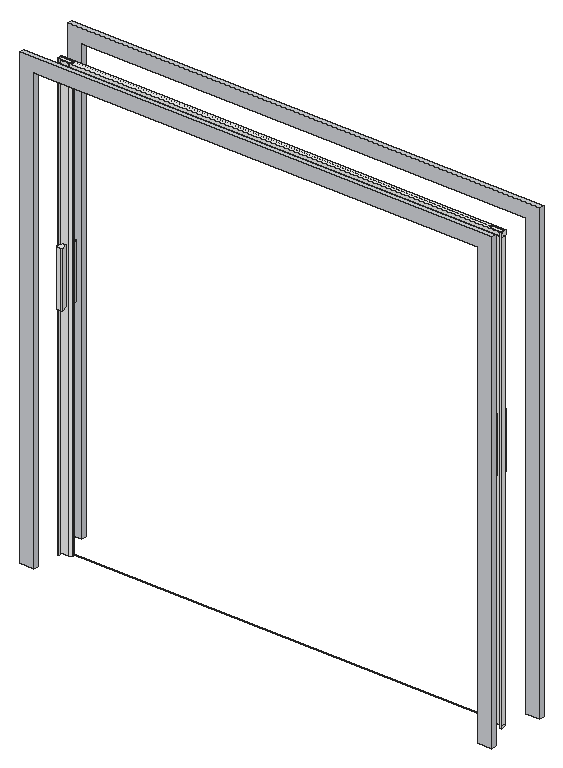
Revit family "Woodfold-Accordion-Door-Family-Series-440-Double", category Doors, host Wall, Revit 2026
Family settings
  Host = Wall
  Always vertical = Yes
  Cut with Voids When Loaded = No
  Shared = No
  Room Calculation Point = No
Parameters (values of type "8'-0" x 8'-0" Surface Mounted w/Magnetic Catch & Strike Plate")
  Type Comments = "Width: No limitation.  Height: Up to 10'-1\""
  Track Material = Metal - Aluminum
  Surface Track = yes
  Stack Dimension = 0.1041 * Width + 0' 5 1/2"  # 1' - 3.4936"
  Recessed Track = no
  Panel Material = Woodfold - Acrylic - Clear
  Panel Connectors = "Flexible Vinyl"
  Model = "440"
  Manufacturer = "Woodfold Mfg., Inc."
  Lead Post = Metal - Aluminum
  Hardware Type = "Magnetic Catch & Strike Plate"
  Function = Interior
  Frame Visibility = yes
  Frame Projection Ext. = 0' - 1"
  Frame Projection Int. = 0' - 1"
  Frame Width = 0' - 3"
  Height = 8' - 0"
  Wall Closure = By host
  Width = 8' - 0"
  Description = "Visifold, see-through commercial security door"
  Assembly Code = ""
Reference planes (in)
  plane 1 "Center (Front/Back)": y = 0
  plane 2 "Center (Left/Right)": x = 0
  plane 3 "Left": x = -48
  plane 4 "Right": x = 48
  plane 5 "Top": z = 96
  plane 6 "Stack End": x = -32.5064
  plane 7 "Middle": z = 48
Forms (in)
  Extrusion 1, solid, visible <- "Frame Visibility"
    sketch origin (-90, 6, 0) x (-1, 0, 0) y (0, 0, 1)
      loop
        line (-138, 96) -> (-42, 96) -> (-42, 0) -> (-39, 0) -> (-39, 99) -> (-141, 99) -> (-141, 0) -> (-138, 0) -> (-138, 96)
    from 0 to 1
  Extrusion 2, solid, visible <- "Frame Visibility"
    sketch origin (-90, -6, 0) x (1, 0, 0) y (0, 0, 1)
      loop
        line (42, 0) -> (42, 96) -> (138, 96) -> (138, 0) -> (141, 0) -> (141, 99) -> (39, 99) -> (39, 0) -> (42, 0)
    from 0 to 1
  Extrusion 3, solid, material "Woodfold - Acrylic - Clear" <- "Panel Material"
    sketch origin (0, 0, 0) x (1, 0, 0) y (0, 1, 0)
      loop
        line (-48, 0.125) -> (-48, -0.125) -> (45.125, -0.125) -> (45.125, 0.125) -> (-48, 0.125)
    from 0.64608 to 96
  Extrusion 4, solid, material "Metal - Aluminum" <- "Track Material"
    sketch origin (12, 0, -0.14608) x (1, 0, 0) y (0, 1, 0)
      loop
        line (36, 0.25) -> (34.9375, 0.25) -> (35.16324, 1.60445)
        arc (35.16324, 1.60445) -> (35.13532, 1.7058) -> (35.03994, 1.75) r 0.125
        line (35.03994, 1.75) -> (34.08506, 1.75)
        arc (34.08506, 1.75) -> (33.98968, 1.7058) -> (33.96176, 1.60445) r 0.125
        line (33.96176, 1.60445) -> (34.1875, 0.25) -> (33.25, 0.25)
        arc (33.25, 0.25) -> (33.08719, 0.17869) -> (33.03176, 0.00981) r 0.21774
        arc (33.03176, 0.00981) -> (33.19467, 0.06273) -> (33.125, -0.09375) r 0.09375
        arc (33.125, -0.09375) -> (33.10937, -0.10937) -> (33.125, -0.125) r 0.01562
        line (33.125, -0.125) -> (33.21055, -0.125) -> (33.58555, -0.5) -> (34.1875, -0.5) -> (33.96176, -1.85445)
        arc (33.96176, -1.85445) -> (33.98968, -1.9558) -> (34.08506, -2) r 0.125
        line (34.08506, -2) -> (35.03994, -2)
        arc (35.03994, -2) -> (35.13532, -1.9558) -> (35.16324, -1.85445) r 0.125
        line (35.16324, -1.85445) -> (34.9375, -0.5) -> (36, -0.5) -> (36, 0.25)
    from 48.64608 to 60.64608
  Extrusion 5, solid, material "Metal - Aluminum" <- "Track Material"
    sketch origin (12, 0, -18.14608) x (1, 0, 0) y (0, 1, 0)
      loop
        arc (33.25, 0.25) -> (33.08719, 0.17869) -> (33.03176, 0.00981) r 0.21774
        arc (33.03176, 0.00981) -> (33.19467, 0.06273) -> (33.125, -0.09375) r 0.09375
        arc (33.125, -0.09375) -> (33.10937, -0.10937) -> (33.125, -0.125) r 0.01562
        line (33.125, -0.125) -> (33.21055, -0.125) -> (33.58555, -0.5) -> (36, -0.5) -> (36, 0.25) -> (33.25, 0.25)
    from 18.64608 to 66.64608
  Extrusion 6, solid, material "Metal - Aluminum" <- "Track Material"
    sketch origin (12, 0, 41.85392) x (1, 0, 0) y (0, 1, 0)
      loop
        arc (33.25, 0.25) -> (33.08719, 0.17869) -> (33.03176, 0.00981) r 0.21774
        arc (33.03176, 0.00981) -> (33.19467, 0.06273) -> (33.125, -0.09375) r 0.09375
        arc (33.125, -0.09375) -> (33.10937, -0.10937) -> (33.125, -0.125) r 0.01562
        line (33.125, -0.125) -> (33.21055, -0.125) -> (33.58555, -0.5) -> (36, -0.5) -> (36, 0.25) -> (33.25, 0.25)
    from 18.64608 to 54.14608
  Extrusion 7, solid, material "Metal - Aluminum" <- "Track Material"
    sketch origin (12, 0, 0) x (1, 0, 0) y (0, 1, 0)
      loop
        line (35.58547, -0.63818) -> (36, -0.63818) -> (36, 0.38818) -> (35.58547, 0.38818) -> (35.58547, 0.25) -> (35.875, 0.25) -> (35.875, -0.5) -> (35.58547, -0.5) -> (35.58547, -0.63818)
    from 0 to 96
  Extrusion 8, solid, material "Metal - Aluminum" <- "Track Material"
    sketch origin (-12, 0, -0.14608) x (-1, 0, 0) y (0, -1, 0)
      loop
        line (36, -0.25) -> (36, 0.5) -> (34.9375, 0.5) -> (35.16324, 1.85445)
        arc (35.16324, 1.85445) -> (35.13532, 1.9558) -> (35.03994, 2) r 0.125
        line (35.03994, 2) -> (34.08506, 2)
        arc (34.08506, 2) -> (33.98968, 1.9558) -> (33.96176, 1.85445) r 0.125
        line (33.96176, 1.85445) -> (34.1875, 0.5) -> (33.58555, 0.5) -> (33.21055, 0.125) -> (33.125, 0.125)
        arc (33.125, 0.125) -> (33.10937, 0.10937) -> (33.125, 0.09375) r 0.01562
        arc (33.125, 0.09375) -> (33.19467, -0.06273) -> (33.03176, -0.00981) r 0.09375
        arc (33.03176, -0.00981) -> (33.08719, -0.17869) -> (33.25, -0.25) r 0.21774
        line (33.25, -0.25) -> (34.1875, -0.25) -> (33.96176, -1.60445)
        arc (33.96176, -1.60445) -> (33.98968, -1.7058) -> (34.08506, -1.75) r 0.125
        line (34.08506, -1.75) -> (35.03994, -1.75)
        arc (35.03994, -1.75) -> (35.13532, -1.7058) -> (35.16324, -1.60445) r 0.125
        line (35.16324, -1.60445) -> (34.9375, -0.25) -> (36, -0.25)
    from 48.64608 to 60.64608
  Extrusion 9, solid, material "Metal - Aluminum" <- "Track Material"
    sketch origin (-12, 0, -18.14608) x (-1, 0, 0) y (0, -1, 0)
      loop
        line (33.25, -0.25) -> (36, -0.25) -> (36, 0.5) -> (33.58555, 0.5) -> (33.21055, 0.125) -> (33.125, 0.125)
        arc (33.125, 0.125) -> (33.10937, 0.10937) -> (33.125, 0.09375) r 0.01562
        arc (33.125, 0.09375) -> (33.19467, -0.06273) -> (33.03176, -0.00981) r 0.09375
        arc (33.03176, -0.00981) -> (33.08719, -0.17869) -> (33.25, -0.25) r 0.21774
    from 18.64608 to 66.64608
  Extrusion 10, solid, material "Metal - Aluminum" <- "Track Material"
    sketch origin (-12, 0, 41.85392) x (-1, 0, 0) y (0, -1, 0)
      loop
        line (33.25, -0.25) -> (36, -0.25) -> (36, 0.5) -> (33.58555, 0.5) -> (33.21055, 0.125) -> (33.125, 0.125)
        arc (33.125, 0.125) -> (33.10937, 0.10937) -> (33.125, 0.09375) r 0.01562
        arc (33.125, 0.09375) -> (33.19467, -0.06273) -> (33.03176, -0.00981) r 0.09375
        arc (33.03176, -0.00981) -> (33.08719, -0.17869) -> (33.25, -0.25) r 0.21774
    from 18.64608 to 54.14608
  Extrusion 11, solid, material "Metal - Aluminum" <- "Track Material"
    sketch origin (-12, 0, 0) x (-1, 0, 0) y (0, -1, 0)
      loop
        line (35.58547, 0.63818) -> (35.58547, 0.5) -> (35.875, 0.5) -> (35.875, -0.25) -> (35.58547, -0.25) -> (35.58547, -0.38818) -> (36, -0.38818) -> (36, 0.63818) -> (35.58547, 0.63818)
    from 0 to 96
  Sweep 12, solid, material "Metal - Aluminum" <- "Track Material", visible <- "Surface Track"
    path origin (0, 0, 0) x (1, 0, 0) y (0, 0, 1)
      loop
        line (48, 96) -> (-48, 96)
    profile origin (0, 0, 96) x (0, 0, -1) y (0, -1, 0)
      loop
        line (0.78289, -0.15789) -> (0.78289, 0.15789) -> (0.9375, 0.3125) -> (0.9375, 0.4375) -> (0.8125, 0.5625) -> (0, 0.5625) -> (0, -0.5625) -> (0.8125, -0.5625) -> (0.9375, -0.4375) -> (0.9375, -0.3125) -> (0.78289, -0.15789)
Cuts and joins
  joined: Extrusion 4, Extrusion 5, Extrusion 6
  joined: Extrusion 8, Extrusion 9, Extrusion 10
Lines and regions (in)
  Opening 1
    outline origin (-90, -6, 0) x (1, 0, 0) y (0, 0, 1)
      loop
        line (42, 0) -> (138, 0) -> (138, 96) -> (42, 96) -> (42, 0)
Text (in)
  text "Exterior" at (-74.96733, 27.31104, 0), in view "Ref. Level"
  text "Interior" at (-74.96733, -25.14366, 0), in view "Ref. Level"
  text "Exterior" at (0, 40.15149, 123.01588), in view "Right"
  text "Interior" at (0, -64.39139, 123.01588), in view "Right"
  text "Interior" at (0, -31.01599, 123.00693), in view "Left"
  text "Exterior" at (0, 54.57065, 123.00693), in view "Left"
Dimensions and locks (in)
  equal spacing: plane 3 "Left", plane 2 "Center (Left/Right)", plane 4 "Right"
  "Height": level to plane 5 "Top"
  "Width": plane 3 "Left" to plane 4 "Right"
  "Frame Width": Extrusion 2 sketch curve to plane 3 "Left"
  "Frame Width": Extrusion 2 sketch curve to plane 4 "Right"
  "Frame Width": Extrusion 2 sketch curve to plane 5 "Top"
  "Frame Width": Extrusion 1 sketch curve to Extrusion 1 sketch curve  (x2)
  "Frame Width": Extrusion 1 sketch curve to plane 5 "Top"
  host wall to plane 5 "Top" = 8' - 0"
  "Frame Projection Int.": Extrusion 2 to host wall
  "Frame Projection Ext.": Extrusion 1 to host wall
  level to Extrusion 3 = 0' - 0.64608"
  "Stack Dimension": plane 3 "Left" to plane 6 "Stack End"
  equal spacing: level, plane 7 "Middle", plane 5 "Top"
  aligned and locked: plane 3 "Left" to Opening 1 sketch curve
  aligned and locked: plane 5 "Top" to Opening 1 sketch curve  (x2)
  aligned and locked: Opening 1 sketch curve to plane 4 "Right"
  aligned and locked: Opening 1 sketch curve to level
  aligned and locked: plane 5 "Top" to Extrusion 1 sketch curve  (x2)
  aligned and locked: plane 3 "Left" to Extrusion 1 sketch curve
  aligned and locked: Extrusion 1 sketch curve to plane 3 "Left"
  aligned and locked: level to Extrusion 1 sketch curve
  aligned and locked: plane 4 "Right" to Extrusion 1 sketch curve
  aligned and locked: Extrusion 1 to host wall
  aligned and locked: plane 3 "Left" to Extrusion 2 sketch curve
  aligned and locked: plane 5 "Top" to Extrusion 2 sketch curve  (x2)
  aligned and locked: plane 4 "Right" to Extrusion 2 sketch curve  (x2)
  aligned and locked: level to Extrusion 2 sketch curve
  aligned and locked: Extrusion 2 sketch curve to level
  aligned and locked: Extrusion 2 to host wall
  aligned and locked: nested 1 to plane 6 "Stack End"
  aligned and locked: nested 2 to nested 1
  aligned and locked: nested 3 to plane 4 "Right"
  aligned and locked: plane 5 "Top" to nested 4
  aligned and locked: level to nested 4
  aligned and locked: Extrusion 3 to nested 4
  aligned and locked: level to nested 5
  aligned and locked: host wall to nested 5
  aligned and locked: nested 6 to plane 3 "Left"
  aligned and locked: plane 3 "Left" to nested 7
  aligned and locked: nested 2 to nested 7
  aligned and locked: Extrusion 4 to Extrusion 5
  aligned and locked: Extrusion 6 to Extrusion 4
  aligned and locked: Extrusion 6 to plane 5 "Top"
  aligned and locked: Extrusion 7 to plane 5 "Top"
  aligned and locked: Extrusion 9 to Extrusion 8
  aligned and locked: Extrusion 8 to Extrusion 10
  aligned and locked: Extrusion 11 to plane 5 "Top"
  aligned and locked: Extrusion 10 to plane 5 "Top"
  aligned and locked: Extrusion 3 to plane 5 "Top"
  aligned and locked: Sweep 12 sketch curve to plane 5 "Top"
  aligned and locked: plane 3 "Left" to Sweep 12 sketch curve
  aligned and locked: plane 4 "Right" to Sweep 12 sketch curve
  aligned and locked: nested 8 to plane 3 "Left"
  aligned and locked: plane 4 "Right" to nested 8
  aligned and locked: nested 8 to plane 7 "Middle"
Automatic sketch dimensions
  Extrusion 1 sketch curve to level = 0' - 0"
  Extrusion 2 sketch curve to level = 0' - 0"
  Extrusion 3 sketch curve to plane 3 "Left" = 0' - 0"
  host wall to Extrusion 3 sketch curve = 0' - 0 1/8"
  plane 4 "Right" to Extrusion 3 sketch curve = 0' - 2 7/8"
  Extrusion 3 sketch curve to host wall = 0' - 0 1/8"
  Extrusion 4 sketch curve to host wall = 0' - 0"
  Extrusion 4 sketch curve to plane 4 "Right" = 0' - 0"
  plane 4 "Right" to Extrusion 4 sketch curve = 0' - 0.83676"  (x2)
  Extrusion 4 sketch curve to Extrusion 4 sketch curve = 0' - 0.1233"  (x4)
  Extrusion 4 sketch curve to host wall = 0' - 0 1/4"  (x2)
  Extrusion 4 sketch curve to Extrusion 4 sketch curve = 0' - 1 1/16"
  host wall to Extrusion 4 sketch curve = 0' - 0 1/2"  (x2)
  Extrusion 4 sketch curve to Extrusion 4 sketch curve = 0' - 0"  (x3)
  Extrusion 4 sketch curve to Extrusion 4 sketch curve = 0' - 0 3/4"  (x2)
  Extrusion 4 sketch curve to Extrusion 4 sketch curve = 0' - 0.95488"  (x2)
  Extrusion 4 sketch curve to Extrusion 4 sketch curve = 0' - 0.60195"
  Extrusion 4 sketch curve to Extrusion 4 sketch curve = 0' - 0.33555"
  Extrusion 4 sketch curve to host wall = 0' - 0.03226"
  Extrusion 4 sketch curve to Extrusion 4 sketch curve = 0' - 0.00165"
  Extrusion 4 sketch curve to Extrusion 4 sketch curve = 0' - 0.0378"
  Extrusion 4 sketch curve to Extrusion 4 sketch curve = 0' - 0.08555"
  Extrusion 4 sketch curve to host wall = 0' - 0.00981"
  Extrusion 4 sketch curve to Extrusion 4 sketch curve = 0' - 1.35445"  (x2)
  Extrusion 4 sketch curve to Extrusion 4 sketch curve = 0' - 0.02055"  (x2)
  Extrusion 4 sketch curve to Extrusion 4 sketch curve = 0' - 0 1/32"
  Extrusion 4 sketch curve to Extrusion 4 sketch curve = 0' - 0 1/64"
  Extrusion 5 sketch curve to host wall = 0' - 0"
  Extrusion 5 sketch curve to plane 4 "Right" = 0' - 0"
  host wall to Extrusion 5 sketch curve = 0' - 0 1/2"
  Extrusion 5 sketch curve to Extrusion 5 sketch curve = 0' - 2.41445"
  Extrusion 5 sketch curve to host wall = 0' - 0 1/4"
  Extrusion 5 sketch curve to Extrusion 5 sketch curve = 0' - 0.33555"
  Extrusion 5 sketch curve to host wall = 0' - 0.03226"
  Extrusion 5 sketch curve to Extrusion 5 sketch curve = 0' - 0.00165"
  host wall to Extrusion 5 sketch curve = 0' - 0 1/8"
  Extrusion 5 sketch curve to Extrusion 5 sketch curve = 0' - 0.0378"
  Extrusion 5 sketch curve to Extrusion 5 sketch curve = 0' - 0.08555"
  Extrusion 5 sketch curve to host wall = 0' - 0.00981"
  Extrusion 5 sketch curve to Extrusion 5 sketch curve = 0' - 0 1/64"
  Extrusion 6 sketch curve to host wall = 0' - 0"
  Extrusion 6 sketch curve to plane 4 "Right" = 0' - 0"
  host wall to Extrusion 6 sketch curve = 0' - 0 1/2"
  Extrusion 6 sketch curve to Extrusion 6 sketch curve = 0' - 2.41445"
  Extrusion 6 sketch curve to host wall = 0' - 0 1/4"
  Extrusion 6 sketch curve to Extrusion 6 sketch curve = 0' - 0.33555"
  Extrusion 6 sketch curve to host wall = 0' - 0.03226"
  Extrusion 6 sketch curve to Extrusion 6 sketch curve = 0' - 0.00165"
  host wall to Extrusion 6 sketch curve = 0' - 0 1/8"
  Extrusion 6 sketch curve to Extrusion 6 sketch curve = 0' - 0.0378"
  Extrusion 6 sketch curve to Extrusion 6 sketch curve = 0' - 0.08555"
  Extrusion 6 sketch curve to host wall = 0' - 0.00981"
  Extrusion 6 sketch curve to Extrusion 6 sketch curve = 0' - 0 1/64"
  Extrusion 7 sketch curve to plane 4 "Right" = 0' - 0"
  plane 4 "Right" to Extrusion 7 sketch curve = 0' - 0 1/8"
  Extrusion 7 sketch curve to Extrusion 7 sketch curve = 0' - 0.28953"  (x2)
  host wall to Extrusion 7 sketch curve = 0' - 0.63818"
  Extrusion 7 sketch curve to Extrusion 7 sketch curve = 0' - 0.13818"  (x2)
  Extrusion 7 sketch curve to host wall = 0' - 0 1/4"
  Extrusion 8 sketch curve to host wall = 0' - 0"
  Extrusion 8 sketch curve to plane 3 "Left" = 0' - 0"
  Extrusion 8 sketch curve to plane 3 "Left" = 0' - 0.83676"  (x2)
  Extrusion 8 sketch curve to Extrusion 8 sketch curve = 0' - 0.1233"  (x4)
  Extrusion 8 sketch curve to host wall = 0' - 0 1/4"  (x2)
  Extrusion 8 sketch curve to plane 3 "Left" = 0' - 1 1/16"
  host wall to Extrusion 8 sketch curve = 0' - 0 1/2"  (x2)
  Extrusion 8 sketch curve to Extrusion 8 sketch curve = 0' - 0"  (x4)
  Extrusion 8 sketch curve to Extrusion 8 sketch curve = 0' - 0 3/4"  (x2)
  Extrusion 8 sketch curve to Extrusion 8 sketch curve = 0' - 0.95488"  (x2)
  Extrusion 8 sketch curve to Extrusion 8 sketch curve = 0' - 0.60195"
  Extrusion 8 sketch curve to Extrusion 8 sketch curve = 0' - 0.33555"
  Extrusion 8 sketch curve to host wall = 0' - 0.03226"
  Extrusion 8 sketch curve to Extrusion 8 sketch curve = 0' - 0.00165"
  Extrusion 8 sketch curve to Extrusion 8 sketch curve = 0' - 0.0378"
  Extrusion 8 sketch curve to Extrusion 8 sketch curve = 0' - 0.08555"
  Extrusion 8 sketch curve to host wall = 0' - 0.00981"
  Extrusion 8 sketch curve to Extrusion 8 sketch curve = 0' - 1.35445"  (x2)
  Extrusion 8 sketch curve to Extrusion 8 sketch curve = 0' - 0.02055"  (x2)
  Extrusion 8 sketch curve to Extrusion 8 sketch curve = 0' - 0 1/64"
  Extrusion 9 sketch curve to host wall = 0' - 0"
  Extrusion 9 sketch curve to plane 3 "Left" = 0' - 0"
  host wall to Extrusion 9 sketch curve = 0' - 0 1/2"
  Extrusion 9 sketch curve to plane 3 "Left" = 0' - 2.41445"
  Extrusion 9 sketch curve to host wall = 0' - 0 1/4"
  Extrusion 9 sketch curve to Extrusion 9 sketch curve = 0' - 0.33555"
  Extrusion 9 sketch curve to host wall = 0' - 0.03226"
  Extrusion 9 sketch curve to Extrusion 9 sketch curve = 0' - 0.00165"
  host wall to Extrusion 9 sketch curve = 0' - 0 1/8"
  Extrusion 9 sketch curve to Extrusion 9 sketch curve = 0' - 0.0378"
  Extrusion 9 sketch curve to Extrusion 9 sketch curve = 0' - 0.08555"
  Extrusion 9 sketch curve to host wall = 0' - 0.00981"
  Extrusion 9 sketch curve to Extrusion 9 sketch curve = 0' - 0"
  Extrusion 10 sketch curve to host wall = 0' - 0"
  Extrusion 10 sketch curve to plane 3 "Left" = 0' - 0"
  host wall to Extrusion 10 sketch curve = 0' - 0 1/2"
  Extrusion 10 sketch curve to Extrusion 10 sketch curve = 0' - 2.41445"
  Extrusion 10 sketch curve to host wall = 0' - 0 1/4"
  Extrusion 10 sketch curve to Extrusion 10 sketch curve = 0' - 0.33555"
  Extrusion 10 sketch curve to host wall = 0' - 0.03226"
  Extrusion 10 sketch curve to Extrusion 10 sketch curve = 0' - 0.00165"
  host wall to Extrusion 10 sketch curve = 0' - 0 1/8"
  Extrusion 10 sketch curve to Extrusion 10 sketch curve = 0' - 0.0378"
  Extrusion 10 sketch curve to Extrusion 10 sketch curve = 0' - 0.08555"
  Extrusion 10 sketch curve to host wall = 0' - 0.00981"
  Extrusion 10 sketch curve to Extrusion 10 sketch curve = 0' - 0"
  Extrusion 11 sketch curve to plane 3 "Left" = 0' - 0"
  Extrusion 11 sketch curve to plane 3 "Left" = 0' - 0 1/8"
  Extrusion 11 sketch curve to Extrusion 11 sketch curve = 0' - 0.28953"  (x2)
  Extrusion 11 sketch curve to host wall = 0' - 0.38818"
  Extrusion 11 sketch curve to Extrusion 11 sketch curve = 0' - 0.13818"  (x2)
  host wall to Extrusion 11 sketch curve = 0' - 0 1/2"
  Sweep 12 sketch curve to profile plane = 0' - 0"
  Sweep 12 sketch curve to profile plane = 0' - 0.15789"
  Sweep 12 sketch curve to profile plane = 0' - 0.78289"
  profile plane to Sweep 12 sketch curve = 0' - 0.15789"
  Sweep 12 sketch curve to Sweep 12 sketch curve = 0' - 0.02961"  (x2)
  Sweep 12 sketch curve to profile plane = 0' - 0 7/16"
  Sweep 12 sketch curve to Sweep 12 sketch curve = 0' - 0 1/8"  (x5)
  Sweep 12 sketch curve to profile plane = 0' - 0 9/16"
  Sweep 12 sketch curve to Sweep 12 sketch curve = 0' - 0.15461"
Nested families (in)
  nested 1: "Detail Lead Post" at (-35.17085, -0.125, 0), type "Detail Lead Post", detail levels medium+fine
  nested 2: "Detail - Stacked Panels" at (-45.125, 0, 0), type "Detail - Stacked Panels"
    with built-in parameter 1001306 0.82238 (stored number, unit not read)
  nested 3: "Detail - Post receptor" at (48, -0.125, 0), type "Detail - Post receptor"
  nested 4: "Detail - Panel Section" at (0, 0, 96) x (0, 0, -1) z (1, 0, 0), visible <- "Surface Track", type "Detail - Panel Section"
    with Panel Finish yes, built-in parameter 1001306 8 (stored number, unit not read)
  nested 5: "Detail - Panel Section - Recessed Track" at (0, 0, 96.75) x (0, 0, -1) z (1, 0, 0), visible <- "Recessed Track", type "Detail - Panel Section"
    with Panel Finish yes, built-in parameter 1001306 8.0625 (stored number, unit not read)
  nested 6: "Detail - Post receptor" at (-48, -0.125, 0) x (-1, 0, 0) z (0, 0, 1), type "Detail - Post receptor"
  nested 7: "Detail Lead Post" at (-45.21055, -0.125, 0) x (-1, 0, 0) z (0, 0, 1), type "Detail Lead Post", detail levels medium+fine
  nested 8: "Detail - Double Opening Arrow" at (48, 0, 48) x (-1, 0, 0) z (0, -1, 0), type "Detail - Double Opening Arrow"
    with built-in parameter 1001306 8 (stored number, unit not read)
Definition of nested family "Detail Lead Post"
  Parameters
    Assembly Code = ""
  Reference planes (in)
    plane 1 "Center (Front/Back)": y = 0
    plane 2: z = 0
    plane 3 "Center (Left/Right)": x = 0
    plane 4 "Hinge Side": x = -0.08555
    plane 5 "Jamb Side": x = 2.78945
    plane 6: x = 2.66445
  Lines and regions (in)
    Filled region 1, type "Concrete Block", in view "Ref. Level"
      outline origin (0, 0, 0) x (1, 0, 0) y (0, 1, 0)
        loop
          line (2.66445, 0.375) -> (0.03945, 0.375)
          arc (0.03945, 0.375) -> (-0.12336, 0.30369) -> (-0.17879, 0.13481) r 0.21774
          arc (-0.17879, 0.13481) -> (-0.01588, 0.18773) -> (-0.08555, 0.03125) r 0.09375
          arc (-0.08555, 0.03125) -> (-0.10118, 0.01562) -> (-0.08555, 0) r 0.01562
          line (-0.08555, 0) -> (0, 0) -> (0.375, -0.375) -> (2.66445, -0.375) -> (2.66445, 0.375)
        loop
          line (0.12172, 0.05506) -> (0.42678, -0.25) -> (2.53945, -0.25) -> (2.53945, 0.25) -> (0.09397, 0.25)
          arc (0.09397, 0.25) -> (0.13102, 0.15583) -> (0.12172, 0.05506) r 0.21875
    detail lines, in view "Ref. Level"
      curve 1: line (0.97695, 0.375, 0) -> (0.75121, 1.72945, 0)
      curve 2: line (1.82939, 1.875, 0) -> (0.87451, 1.875, 0)
      curve 3: line (1.72695, 0.375, 0) -> (1.95269, 1.72945, 0)
      curve 4: line (0.97695, -0.375, 0) -> (0.75121, -1.72945, 0)
      curve 5: line (1.82939, -1.875, 0) -> (0.87451, -1.875, 0)
      curve 6: line (1.72695, -0.375, 0) -> (1.95269, -1.72945, 0)
      curve 7: arc (0.75121, -1.72945, 0) -> (0.77913, -1.8308, 0) -> (0.87451, -1.875, 0) r 0.125
      curve 8: arc (1.82939, -1.875, 0) -> (1.92477, -1.8308, 0) -> (1.95269, -1.72945, 0) r 0.125
      curve 9: arc (0.75121, 1.72945, 0) -> (0.77913, 1.8308, 0) -> (0.87451, 1.875, 0) r 0.125
      curve 10: arc (1.95269, 1.72945, 0) -> (1.92477, 1.8308, 0) -> (1.82939, 1.875, 0) r 0.125
      curve 11: line (2.66445, 0.375, 0) -> (0.03945, 0.375, 0)
      curve 12: arc (0.03945, 0.375, 0) -> (-0.12336, 0.30369, 0) -> (-0.17879, 0.13481, 0) r 0.21774
      curve 13: arc (-0.17879, 0.13481, 0) -> (-0.01588, 0.18773, 0) -> (-0.08555, 0.03125, 0) r 0.09375
      curve 14: arc (-0.08555, 0.03125, 0) -> (-0.10118, 0.01562, 0) -> (-0.08555, 0, 0) r 0.01562
      curve 15: line (-0.08555, 0, 0) -> (0, 0, 0)
      curve 16: line (0, 0, 0) -> (0.375, -0.375, 0)
      curve 17: line (0.375, -0.375, 0) -> (2.66445, -0.375, 0)
      curve 18: line (2.66445, -0.375, 0) -> (2.66445, 0.375, 0)
Definition of nested family "Detail - Stacked Panels"
  Parameters
    built-in parameter 1001306 [instance] = 2' - 0"
    Assembly Code = ""
  Reference planes (in)
    plane 1 "Center (Front/Back)": y = 0
    plane 2: z = 0
    plane 3 "Left": x = 0
    plane 4 "Right": x = 24
    plane 5: x = 0.25
  Lines and regions (in)
    Filled region 1, type "Panel Lines", in view "Ref. Level"
      outline origin (0.25, 0, 0) x (1, 0, 0) y (0, 1, 0)
        loop
          line (0, 2.25) -> (0, -2.25) -> (23.5, -2.25) -> (23.5, 2.25) -> (0, 2.25)
    Filled region 2, type "Panel Lines", in view "Ref. Level"
      outline origin (0, 0, 0) x (1, 0, 0) y (0, 1, 0)
        loop
          line (0.25, 2.25) -> (0.25, 0) -> (0, 0) -> (0, -2.25) -> (24, -2.25) -> (24, 0) -> (23.75, 0) -> (23.75, 2.25) -> (0.25, 2.25)
    reference lines, in view "Ref. Level"
      curve 1: line (0, 0, 0) -> (24, 0, 0)
      curve 2: line (0.25, -4, 0) -> (24, -4, 0)
    detail lines, in view "Ref. Level"
      curve 3: circle (24, 0, 0) r 0.125 normal (0, 0, 1)
  Dimensions and locks (in)
    "built-in parameter 1001306": plane 3 "Left" to plane 4 "Right"
    aligned and locked: plane 1 "Center (Front/Back)" to curve 1
    aligned and locked: plane 3 "Left" to curve 1
    aligned and locked: plane 5 to curve 2
    aligned and locked: plane 4 "Right" to curve 2
    aligned and locked: Filled region 1 to Filled region 2
    aligned and locked: plane 3 "Left" to Filled region 2 sketch curve
    aligned and locked: Filled region 2 sketch curve to plane 5
    aligned and locked: Filled region 1 to plane 5
  Automatic sketch dimensions
    curve 1 to plane 4 "Right" = 0' - 0"
    plane 1 "Center (Front/Back)" to curve 2 = 0' - 4"
    plane 5 to Filled region 1 sketch curve = 0' - 0"
    plane 4 "Right" to Filled region 1 sketch curve = 0' - 0 1/4"
    plane 1 "Center (Front/Back)" to Filled region 1 sketch curve = 0' - 2 1/4"
    Filled region 1 sketch curve to plane 1 "Center (Front/Back)" = 0' - 2 1/4"
    curve 3 to plane 1 "Center (Front/Back)" = 0' - 0"
    curve 3 to plane 4 "Right" = 0' - 0"
    Filled region 2 sketch curve to plane 1 "Center (Front/Back)" = 0' - 0"  (x2)
    Filled region 2 sketch curve to plane 4 "Right" = 0' - 0"
    plane 4 "Right" to Filled region 2 sketch curve = 0' - 0 1/4"
    Filled region 2 sketch curve to Filled region 2 sketch curve = 0' - 2 1/4"  (x2)
    radius of curve 3 = 0' - 0 1/8"
Definition of nested family "Detail - Post receptor"
  Parameters
    Jamb Receptor Plate [instance] = yes
  Reference planes (in)
    plane 1 "Center (Front/Back)": y = 0
    plane 2: z = 0
    plane 3 "Center (Left/Right)": x = 0
  Lines and regions (in)
    Filled region 1, type "Concrete Block", in view "Ref. Level", visible <- "Jamb Receptor Plate"
      outline origin (-2.78945, 0, 0) x (1, 0, 0) y (0, 1, 0)
        loop
          line (2.37492, 0.51318) -> (2.37492, 0.38141) -> (2.66445, 0.38141) -> (2.66445, -0.38141) -> (2.37492, -0.38141) -> (2.37492, -0.51318) -> (2.78945, -0.51318) -> (2.78945, 0.51318) -> (2.37492, 0.51318)
Definition of nested family "Detail - Panel Section"
  Parameters
    Panel Finish [instance] = yes
    built-in parameter 1001306 [instance] = 4' - 0"
  Reference planes (in)
    plane 1 "Center (Front/Back)": y = 0
    plane 2: z = 0
    plane 3 "Left": x = 0
    plane 4 "Right": x = 48
    plane 5: x = 46.955
  Lines and regions (in)
    Filled region 1, type "Wood - Finish", in view "Ref. Level", visible <- "Panel Finish"
      outline origin (-14.66362, 0, 0) x (0, 1, 0) y (-1, 0, 0)
        loop
          line (-2.22816, -16.27095) -> (-2.22816, -61.61862) -> (2.2317, -61.61862) -> (2.2317, -16.27095) -> (-2.22816, -16.27095)
    reference lines, in view "Ref. Level"
      curve 1: line (0, 0, 0) -> (48, 0, 0)
    detail lines, in view "Ref. Level"
      curve 2: arc (1.1875, -2.199, 0) -> (1.15228, -2.28802, 0) -> (1.1875, -2.37703, 0) r 0.13011
      curve 3: line (1.20858, -2.21839, 0) -> (1.20858, -2.35623, 0)
      curve 4: line (1.20858, -2.28816, 0) -> (1.52613, -2.28816, 0)
      curve 5: arc (1.48757, -2.22839, 0) -> (1.54757, -2.29208, 0) -> (1.60733, -2.22816, 0) r 0.06
      curve 6: line (1.2475, -2.25816, 0) -> (1.49343, -2.25816, 0)
      curve 7: line (1.48757, -2.22839, 0) -> (1.20858, -2.22816, 0)
      curve 8: line (46.99371, -2.28816, 0) -> (1.56879, -2.28816, 0)
      curve 9: line (46.96101, -2.25816, 0) -> (1.60149, -2.25816, 0)
      curve 10: line (1.48739, -2.17209, 0) -> (1.48739, -2.22839, 0)
      curve 11: line (1.1875, -2.17209, 0) -> (1.48739, -2.17209, 0)
      curve 12: line (1.1875, -2.40479, 0) -> (1.1875, 2.40479, 0)
      curve 13: arc (1.60733, -1.14507, 0) -> (1.58503, -1.18941, 0) -> (1.60733, -1.23375, 0) r 0.05523
      curve 14: arc (1.60733, -0.39507, 0) -> (1.58503, -0.43941, 0) -> (1.60733, -0.48375, 0) r 0.05523
      curve 15: arc (1.60733, 0.47493, 0) -> (1.58503, 0.43059, 0) -> (1.60733, 0.38625, 0) r 0.05523
      curve 16: arc (1.60733, 1.22493, 0) -> (1.58503, 1.18059, 0) -> (1.60733, 1.13625, 0) r 0.05523
      curve 17: arc (1.60733, 2.11585, 0) -> (1.59138, 2.14854, 0) -> (1.5575, 2.16176, 0) r 0.05
      curve 18: line (1.1875, 2.16176, 0) -> (1.5575, 2.16176, 0)
      curve 19: arc (1.48739, 1.34792, 0) -> (1.54739, 1.40792, 0) -> (1.48739, 1.46792, 0) r 0.06
      curve 20: arc (1.48739, 1.46792, 0) -> (1.42739, 1.40792, 0) -> (1.48739, 1.34792, 0) r 0.06
      curve 21: arc (1.48739, -1.44643, 0) -> (1.54739, -1.38643, 0) -> (1.48739, -1.32643, 0) r 0.06
      curve 22: arc (1.48739, -1.32643, 0) -> (1.42739, -1.38643, 0) -> (1.48739, -1.44643, 0) r 0.06
      curve 23: arc (1.1875, 2.199, 0) -> (1.15228, 2.28802, 0) -> (1.1875, 2.37703, 0) r 0.13011
      curve 24: line (1.20858, 2.21839, 0) -> (1.20858, 2.35623, 0)
      curve 25: line (1.20858, 2.29161, 0) -> (47.35392, 2.29161, 0)
      curve 26: line (1.24866, 2.26161, 0) -> (47.32358, 2.26161, 0)
      curve 27: line (1.60733, 2.22816, 0) -> (1.20858, 2.22816, 0)
      curve 28: arc (47.375, -2.199, 0) -> (47.41022, -2.28802, 0) -> (47.375, -2.37703, 0) r 0.13011
      curve 29: line (47.35392, -2.21839, 0) -> (47.35392, -2.35623, 0)
      curve 30: line (47.35392, -2.28816, 0) -> (47.03637, -2.28816, 0)
      curve 31: arc (47.07493, -2.22839, 0) -> (47.01689, -2.29205, 0) -> (46.95504, -2.23208, 0) r 0.06
      curve 32: line (47.315, -2.25816, 0) -> (47.06907, -2.25816, 0)
      curve 33: line (47.07493, -2.22839, 0) -> (47.35392, -2.22816, 0)
      curve 34: line (47.07511, -2.17209, 0) -> (47.07511, -2.22839, 0)
      curve 35: line (47.375, -2.17209, 0) -> (47.07511, -2.17209, 0)
      curve 36: line (47.375, -2.40479, 0) -> (47.375, 2.40479, 0)
      curve 37: arc (46.955, -1.14495, 0) -> (46.97747, -1.18941, 0) -> (46.955, -1.23387, 0) r 0.05523
      curve 38: arc (46.955, -0.39495, 0) -> (46.97747, -0.43941, 0) -> (46.955, -0.48387, 0) r 0.05523
      curve 39: arc (46.955, 0.47505, 0) -> (46.97747, 0.43059, 0) -> (46.955, 0.38613, 0) r 0.05523
      curve 40: arc (46.955, 1.22505, 0) -> (46.97747, 1.18059, 0) -> (46.955, 1.13613, 0) r 0.05523
      curve 41: arc (46.955, 2.11176, 0) -> (46.96964, 2.14712, 0) -> (47.005, 2.16176, 0) r 0.05
      curve 42: line (47.375, 2.16176, 0) -> (47.005, 2.16176, 0)
      curve 43: arc (47.07511, 1.34792, 0) -> (47.01511, 1.40792, 0) -> (47.07511, 1.46792, 0) r 0.06
      curve 44: arc (47.07511, 1.46792, 0) -> (47.13511, 1.40792, 0) -> (47.07511, 1.34792, 0) r 0.06
      curve 45: arc (47.07511, -1.44643, 0) -> (47.01511, -1.38643, 0) -> (47.07511, -1.32643, 0) r 0.06
      curve 46: arc (47.07511, -1.32643, 0) -> (47.13511, -1.38643, 0) -> (47.07511, -1.44643, 0) r 0.06
      curve 47: arc (47.375, 2.199, 0) -> (47.41022, 2.28802, 0) -> (47.375, 2.37703, 0) r 0.13011
      curve 48: line (47.35392, 2.21839, 0) -> (47.35392, 2.35623, 0)
      curve 49: line (47.35392, 2.22816, 0) -> (46.955, 2.22816, 0)
      curve 94: line (48, -2.40479, 0) -> (48, 2.34521, 0)
      curve 96: line (46.955, -2.23208, 0) -> (46.955, 2.11176, 0)
      curve 98: line (1.60733, -2.22816, 0) -> (1.60733, 2.11585, 0)
    detail lines, in view "Ref. Level", not visible
      curve 50: arc (0, -2.199, 0) -> (-0.03522, -2.28802, 0) -> (0, -2.37703, 0) r 0.13011
      curve 51: line (0.02108, -2.21839, 0) -> (0.02108, -2.35623, 0)
      curve 52: line (0.02108, -2.28816, 0) -> (0.33863, -2.28816, 0)
      curve 53: arc (0.30007, -2.22839, 0) -> (0.36007, -2.29208, 0) -> (0.41983, -2.22816, 0) r 0.06
      curve 54: line (0.06, -2.25816, 0) -> (0.30593, -2.25816, 0)
      curve 55: line (0.30007, -2.22839, 0) -> (0.02108, -2.22816, 0)
      curve 56: line (0.29989, -2.17209, 0) -> (0.29989, -2.22839, 0)
      curve 57: line (0, -2.17209, 0) -> (0.29989, -2.17209, 0)
      curve 58: line (0, -2.40479, 0) -> (0, 2.40479, 0)
      curve 59: arc (0.41983, -1.14507, 0) -> (0.39753, -1.18941, 0) -> (0.41983, -1.23375, 0) r 0.05523
      curve 60: arc (0.41983, -0.39507, 0) -> (0.39753, -0.43941, 0) -> (0.41983, -0.48375, 0) r 0.05523
      curve 61: arc (0.41983, 0.47493, 0) -> (0.39753, 0.43059, 0) -> (0.41983, 0.38625, 0) r 0.05523
      curve 62: arc (0.41983, 1.22493, 0) -> (0.39753, 1.18059, 0) -> (0.41983, 1.13625, 0) r 0.05523
      curve 63: arc (0.41983, 2.11585, 0) -> (0.40388, 2.14854, 0) -> (0.37, 2.16176, 0) r 0.05
      curve 64: line (0, 2.16176, 0) -> (0.37, 2.16176, 0)
      curve 65: arc (0.29989, 1.34792, 0) -> (0.35989, 1.40792, 0) -> (0.29989, 1.46792, 0) r 0.06
      curve 66: arc (0.29989, 1.46792, 0) -> (0.23989, 1.40792, 0) -> (0.29989, 1.34792, 0) r 0.06
      curve 67: arc (0.29989, -1.44643, 0) -> (0.35989, -1.38643, 0) -> (0.29989, -1.32643, 0) r 0.06
      curve 68: arc (0.29989, -1.32643, 0) -> (0.23989, -1.38643, 0) -> (0.29989, -1.44643, 0) r 0.06
      curve 69: arc (0, 2.199, 0) -> (-0.03522, 2.28802, 0) -> (0, 2.37703, 0) r 0.13011
      curve 70: line (0.02108, 2.21839, 0) -> (0.02108, 2.35623, 0)
      curve 71: line (0.41983, 2.22816, 0) -> (0.02108, 2.22816, 0)
      curve 72: arc (8.68994, -2.199, 0) -> (8.72516, -2.28802, 0) -> (8.68994, -2.37703, 0) r 0.13011
      curve 73: line (8.66886, -2.21839, 0) -> (8.66886, -2.35623, 0)
      curve 74: line (8.66886, -2.28816, 0) -> (8.35131, -2.28816, 0)
      curve 75: arc (8.38987, -2.22839, 0) -> (8.33183, -2.29205, 0) -> (8.26998, -2.23208, 0) r 0.06
      curve 76: line (8.62994, -2.25816, 0) -> (8.38402, -2.25816, 0)
      curve 77: line (8.38987, -2.22839, 0) -> (8.66886, -2.22816, 0)
      curve 78: line (8.39005, -2.17209, 0) -> (8.39005, -2.22839, 0)
      curve 79: line (8.68994, -2.17209, 0) -> (8.39005, -2.17209, 0)
      curve 80: line (8.68994, -2.40479, 0) -> (8.68994, 2.40479, 0)
      curve 81: arc (8.26994, -1.14495, 0) -> (8.29241, -1.18941, 0) -> (8.26994, -1.23387, 0) r 0.05523
      curve 82: arc (8.26994, -0.39495, 0) -> (8.29241, -0.43941, 0) -> (8.26994, -0.48387, 0) r 0.05523
      curve 83: arc (8.26994, 0.47505, 0) -> (8.29241, 0.43059, 0) -> (8.26994, 0.38613, 0) r 0.05523
      curve 84: arc (8.26994, 1.22505, 0) -> (8.29241, 1.18059, 0) -> (8.26994, 1.13613, 0) r 0.05523
      curve 85: arc (8.26994, 2.11176, 0) -> (8.28459, 2.14712, 0) -> (8.31994, 2.16176, 0) r 0.05
      curve 86: line (8.68994, 2.16176, 0) -> (8.31994, 2.16176, 0)
      curve 87: arc (8.39005, 1.34792, 0) -> (8.33005, 1.40792, 0) -> (8.39005, 1.46792, 0) r 0.06
      curve 88: arc (8.39005, 1.46792, 0) -> (8.45005, 1.40792, 0) -> (8.39005, 1.34792, 0) r 0.06
      curve 89: arc (8.39005, -1.44643, 0) -> (8.33005, -1.38643, 0) -> (8.39005, -1.32643, 0) r 0.06
      curve 90: arc (8.39005, -1.32643, 0) -> (8.45005, -1.38643, 0) -> (8.39005, -1.44643, 0) r 0.06
      curve 91: arc (8.68994, 2.199, 0) -> (8.72516, 2.28802, 0) -> (8.68994, 2.37703, 0) r 0.13011
      curve 92: line (8.66886, 2.21839, 0) -> (8.66886, 2.35623, 0)
      curve 93: line (8.66886, 2.22816, 0) -> (8.26994, 2.22816, 0)
      curve 95: line (9.31494, -2.40479, 0) -> (9.31494, 2.34521, 0)
      curve 97: line (8.26994, -2.23208, 0) -> (8.26994, 2.11176, 0)
      curve 99: line (0.41983, -2.22816, 0) -> (0.41983, 2.11585, 0)
  Dimensions and locks (in)
    "built-in parameter 1001306": plane 3 "Left" to plane 4 "Right"
    locked: plane 5 to plane 4 "Right" at 1.045
    aligned and locked: plane 1 "Center (Front/Back)" to curve 1
    aligned and locked: plane 4 "Right" to curve 1
    aligned and locked: plane 3 "Left" to curve 1
    aligned and locked: curve 94 to plane 4 "Right"
    aligned and locked: Filled region 1 to plane 5
    aligned and locked: Filled region 1 to curve 98
    aligned and locked: curve 24 to curve 25
    aligned and locked: curve 8 to curve 4
  Automatic sketch dimensions
    plane 1 "Center (Front/Back)" to Filled region 1 sketch curve = 0' - 2.22816"
    Filled region 1 sketch curve to plane 1 "Center (Front/Back)" = 0' - 2.2317"
    plane 3 "Left" to Filled region 1 sketch curve = 3' - 10.955"
    plane 3 "Left" to Filled region 1 sketch curve = 0' - 1.60733"
    curve 38 to curve 39 = 0' - 0"
    curve 40 to curve 39 = 0' - 0"
    curve 38 to curve 37 = 0' - 0"
    curve 49 to curve 40 = 0' - 0"
    curve 37 to curve 37 = 0' - 0.03276"
    curve 49 to curve 41 = 0' - 0"
    curve 37 to curve 31 = 0' - 0.00004"
    curve 41 to curve 41 = 0' - 0.05"
    curve 42 to curve 41 = 0' - 0"
    curve 31 to curve 30 = 0' - 0.02133"
    curve 30 to curve 32 = 0' - 0.0327"
    curve 32 to curve 33 = 0' - 0.00585"
    curve 37 to curve 46 = 0' - 0.12011"
    curve 40 to curve 43 = 0' - 0.12011"
    curve 31 to curve 35 = 0' - 0.00018"
    curve 42 to curve 47 = 0' - 0.27511"
    curve 32 to curve 28 = 0' - 0.21103"
    curve 28 to curve 32 = 0' - 0.03489"
    curve 47 to curve 48 = 0' - 0.07381"
    curve 32 to curve 29 = 0' - 0.03892"
    curve 29 to curve 28 = 0' - 0.02108"
    curve 47 to curve 94 = 0' - 0 5/8"
    curve 36 to curve 94 = 0' - 0"
    curve 36 to curve 28 = 0' - 0.02776"
    curve 28 to curve 29 = 0' - 0.0208"
    curve 29 to curve 30 = 0' - 0.06807"
    curve 30 to curve 28 = 0' - 0.00014"
    curve 30 to curve 32 = 0' - 0.03"
    curve 31 to curve 34 = 0' - 0"
    curve 33 to curve 29 = 0' - 0.00977"
    curve 34 to curve 34 = 0' - 0.0563"
    curve 34 to curve 46 = 0' - 0.72566"
    curve 45 to curve 45 = 0' - 0.06"
    curve 45 to curve 37 = 0' - 0.09256"
    curve 37 to curve 37 = 0' - 0.04446"
    curve 37 to curve 38 = 0' - 0.66108"
    curve 38 to curve 38 = 0' - 0.04446"
    curve 38 to curve 39 = 0' - 0.78108"
    curve 39 to curve 39 = 0' - 0.04446"
    curve 39 to curve 40 = 0' - 0.66108"
    curve 40 to curve 40 = 0' - 0.04446"
    curve 40 to curve 43 = 0' - 0.12287"
    curve 43 to curve 44 = 0' - 0.06"
    curve 43 to curve 41 = 0' - 0.64384"
    curve 41 to curve 42 = 0' - 0"
    curve 42 to curve 47 = 0' - 0.03724"
    curve 47 to curve 48 = 0' - 0.01939"
    curve 42 to curve 49 = 0' - 0 17/256"
    curve 49 to curve 47 = 0' - 0.05986"
    curve 94 to curve 47 = 0' - 0.03183"
    curve 48 to curve 47 = 0' - 0.0208"
    curve 47 to curve 36 = 0' - 0.02776"
    curve 82 to curve 83 = 0' - 0"
    curve 84 to curve 83 = 0' - 0"
    curve 82 to curve 81 = 0' - 0"
    curve 93 to curve 84 = 0' - 0"
    curve 81 to curve 81 = 0' - 0.03276"
    curve 93 to curve 85 = 0' - 0"
    curve 81 to curve 75 = 0' - 0.00004"
    curve 85 to curve 85 = 0' - 0.05"
    curve 86 to curve 85 = 0' - 0"
    curve 75 to curve 74 = 0' - 0.02133"
    curve 74 to curve 76 = 0' - 0.0327"
    curve 76 to curve 77 = 0' - 0.00585"
    curve 81 to curve 90 = 0' - 0.12011"
    curve 84 to curve 87 = 0' - 0.12011"
    curve 75 to curve 79 = 0' - 0.00018"
    curve 86 to curve 91 = 0' - 0.27511"
    curve 76 to curve 72 = 0' - 0.21103"
    curve 72 to curve 76 = 0' - 0.03489"
    curve 91 to curve 92 = 0' - 0.07381"
    curve 76 to curve 73 = 0' - 0.03892"
    curve 73 to curve 72 = 0' - 0.02108"
    curve 91 to curve 95 = 0' - 0 5/8"
    curve 80 to curve 95 = 0' - 0"
    curve 80 to curve 72 = 0' - 0.02776"
    curve 72 to curve 73 = 0' - 0.0208"
    curve 73 to curve 74 = 0' - 0.06807"
    curve 74 to curve 72 = 0' - 0.00014"
    curve 74 to curve 76 = 0' - 0.03"
    curve 75 to curve 78 = 0' - 0"
    curve 77 to curve 73 = 0' - 0.00977"
    curve 78 to curve 78 = 0' - 0.0563"
    curve 78 to curve 90 = 0' - 0.72566"
    curve 89 to curve 89 = 0' - 0.06"
    curve 89 to curve 81 = 0' - 0.09256"
    curve 81 to curve 81 = 0' - 0.04446"
    curve 81 to curve 82 = 0' - 0.66108"
    curve 82 to curve 82 = 0' - 0.04446"
    curve 82 to curve 83 = 0' - 0.78108"
    curve 83 to curve 83 = 0' - 0.04446"
    curve 83 to curve 84 = 0' - 0.66108"
    curve 84 to curve 84 = 0' - 0.04446"
    curve 84 to curve 87 = 0' - 0.12287"
    curve 87 to curve 88 = 0' - 0.06"
    curve 87 to curve 85 = 0' - 0.64384"
    curve 85 to curve 86 = 0' - 0"
    curve 86 to curve 91 = 0' - 0.03724"
    curve 91 to curve 92 = 0' - 0.01939"
    curve 86 to curve 93 = 0' - 0 17/256"
    curve 93 to curve 91 = 0' - 0.05986"
    curve 95 to curve 91 = 0' - 0.03183"
    curve 92 to curve 91 = 0' - 0.0208"
    curve 91 to curve 80 = 0' - 0.02776"
    curve 43 to curve 44 = 0' - 0"  (x2)
    curve 45 to curve 46 = 0' - 0"  (x2)
    curve 96 to curve 31 = 0' - 0"
    curve 96 to curve 41 = 0' - 0"
    curve 87 to curve 88 = 0' - 0"  (x2)
    curve 89 to curve 90 = 0' - 0"  (x2)
    curve 97 to curve 75 = 0' - 0"
    curve 97 to curve 85 = 0' - 0"
    curve 25 to curve 26 = 0' - 0.04008"
    plane 3 "Left" to curve 8 = 0' - 1.56879"
    curve 8 to curve 9 = 0' - 0.0327"
    curve 9 to plane 5 = 0' - 0.00601"
    curve 8 to plane 5 = 0' - 0.03871"
    curve 26 to plane 5 = 0' - 0.36858"
    curve 26 to curve 25 = 0' - 0.03034"
    curve 8 to curve 9 = 0' - 0.03"
    curve 26 to plane 1 "Center (Front/Back)" = 0' - 2.26161"
    curve 26 to curve 25 = 0' - 0.03"
    curve 23 to curve 24 = 0' - 0.02108"
    curve 2 to curve 3 = 0' - 0.02108"
    curve 4 to curve 6 = 0' - 0.03892"
    curve 27 to curve 23 = 0' - 0.07381"
    curve 6 to curve 2 = 0' - 0.03489"
    curve 2 to curve 10 = 0' - 0.205"
    curve 18 to curve 19 = 0' - 0.29989"
    curve 10 to curve 22 = 0' - 0"
    curve 10 to curve 5 = 0' - 0.00018"
    curve 5 to curve 6 = 0' - 0.00585"
    curve 6 to curve 4 = 0' - 0.0327"
    curve 4 to curve 5 = 0' - 0.02133"
    curve 23 to curve 18 = 0' - 0.27511"
    curve 17 to curve 18 = 0' - 0"  (x2)
    curve 17 to curve 17 = 0' - 0.04983"
    curve 18 to curve 27 = 0' - 0.04983"
    curve 16 to curve 16 = 0' - 0.03293"
    curve 13 to curve 13 = 0' - 0.03293"
    curve 15 to curve 15 = 0' - 0.03293"
    curve 14 to curve 14 = 0' - 0.03293"
    curve 12 to curve 2 = 0' - 0.02776"
    curve 2 to curve 3 = 0' - 0.0208"
    curve 3 to curve 4 = 0' - 0.06807"
    curve 4 to curve 2 = 0' - 0.00014"
    curve 4 to curve 6 = 0' - 0.03"
    curve 7 to curve 10 = 0' - 0"
    curve 7 to curve 3 = 0' - 0.00977"
    curve 10 to curve 11 = 0' - 0.0563"
    curve 10 to curve 22 = 0' - 0.72566"
    curve 21 to curve 22 = 0' - 0.06"
    curve 21 to curve 13 = 0' - 0.09268"
    curve 13 to curve 13 = 0' - 0.04434"
    curve 13 to curve 14 = 0' - 0.66132"
    curve 14 to curve 14 = 0' - 0.04434"
    curve 14 to curve 15 = 0' - 0.78133"
    curve 15 to curve 15 = 0' - 0.04434"
    curve 15 to curve 16 = 0' - 0.66132"
    curve 16 to curve 16 = 0' - 0.04434"
    curve 16 to curve 19 = 0' - 0.12299"
    curve 19 to curve 20 = 0' - 0.06"
    curve 19 to curve 17 = 0' - 0.64384"
    curve 17 to curve 17 = 0' - 0.00409"
    curve 18 to curve 23 = 0' - 0.03724"
    curve 23 to curve 24 = 0' - 0.01939"
    curve 24 to curve 27 = 0' - 0.00977"
    curve 27 to curve 23 = 0' - 0.05986"
    curve 24 to curve 23 = 0' - 0.0208"
    curve 23 to curve 12 = 0' - 0.02776"
    curve 19 to curve 20 = 0' - 0"  (x2)
    curve 21 to curve 22 = 0' - 0"  (x2)
    curve 69 to curve 70 = 0' - 0.02108"
    curve 50 to curve 51 = 0' - 0.02108"
    curve 52 to curve 54 = 0' - 0.03892"
    curve 71 to curve 69 = 0' - 0.07381"
    curve 54 to curve 50 = 0' - 0.03489"
    curve 50 to curve 56 = 0' - 0.205"
    curve 64 to curve 65 = 0' - 0.29989"
    curve 56 to curve 68 = 0' - 0"
    curve 56 to curve 53 = 0' - 0.00018"
    curve 53 to curve 54 = 0' - 0.00585"
    curve 54 to curve 52 = 0' - 0.0327"
    curve 52 to curve 53 = 0' - 0.02133"
    curve 69 to curve 64 = 0' - 0.27511"
    curve 63 to curve 64 = 0' - 0"  (x2)
    curve 63 to curve 63 = 0' - 0.04983"
    curve 64 to curve 71 = 0' - 0.04983"
    curve 62 to curve 62 = 0' - 0.03293"
    curve 59 to curve 59 = 0' - 0.03293"
    curve 61 to curve 61 = 0' - 0.03293"
    curve 60 to curve 60 = 0' - 0.03293"
    curve 58 to curve 50 = 0' - 0.02776"
    curve 50 to curve 51 = 0' - 0.0208"
    curve 51 to curve 52 = 0' - 0.06807"
    curve 52 to curve 50 = 0' - 0.00014"
    curve 52 to curve 54 = 0' - 0.03"
    curve 55 to curve 56 = 0' - 0"
    curve 55 to curve 51 = 0' - 0.00977"
    curve 56 to curve 57 = 0' - 0.0563"
    curve 56 to curve 68 = 0' - 0.72566"
    curve 67 to curve 68 = 0' - 0.06"
    curve 67 to curve 59 = 0' - 0.09268"
    curve 59 to curve 59 = 0' - 0.04434"
    curve 59 to curve 60 = 0' - 0.66132"
    curve 60 to curve 60 = 0' - 0.04434"
    curve 60 to curve 61 = 0' - 0.78133"
    curve 61 to curve 61 = 0' - 0.04434"
    curve 61 to curve 62 = 0' - 0.66132"
    curve 62 to curve 62 = 0' - 0.04434"
    curve 62 to curve 65 = 0' - 0.12299"
    curve 65 to curve 66 = 0' - 0.06"
    curve 65 to curve 63 = 0' - 0.64384"
    curve 63 to curve 63 = 0' - 0.00409"
    curve 64 to curve 69 = 0' - 0.03724"
    curve 69 to curve 70 = 0' - 0.01939"
    curve 70 to curve 71 = 0' - 0.00977"
    curve 71 to curve 69 = 0' - 0.05986"
    curve 70 to curve 69 = 0' - 0.0208"
    curve 69 to curve 58 = 0' - 0.02776"
    curve 65 to curve 66 = 0' - 0"  (x2)
    curve 67 to curve 68 = 0' - 0"  (x2)
  Nested families (in)
    nested 1: "Detail Track" at (0, 0, 0) x (-1, 0, 0) z (0, 0, 1), type "Detail Track", in view "Ref. Level"
  Definition of nested family "Detail Track"
    Parameters
      Door Height [instance] = 3' - 1 3/16"
      Assembly Code = ""
    Reference planes (in)
      plane 1 "Center (Front/Back)": y = 0
      plane 2: z = 0
      plane 3 "Center (Left/Right)": x = 0
    Lines and regions (in)
      detail lines, in view "Ref. Level"
        curve 1: line (-0.8125, 0.5625, 0) -> (0, 0.5625, 0)
        curve 2: line (0, -0.5625, 0) -> (-0.8125, -0.5625, 0)
        curve 3: line (0, 0.5625, 0) -> (0, -0.5625, 0)
        curve 4: line (-0.9375, -0.4375, 0) -> (-0.9375, -0.3125, 0)
        curve 5: line (-1.1875, -0.15789, 0) -> (-1.1875, 0.15789, 0)
        curve 6: line (-1.1875, 0.15789, 0) -> (-0.6875, 0.15789, 0)
        curve 7: line (-1.1875, -0.15789, 0) -> (-0.6875, -0.15789, 0)
        curve 8: line (-0.9375, -0.4375, 0) -> (-0.8125, -0.5625, 0)
        curve 9: line (-0.9375, -0.3125, 0) -> (-0.78289, -0.15789, 0)
        curve 10: line (-0.9375, 0.4375, 0) -> (-0.9375, 0.3125, 0)
        curve 11: line (-0.9375, 0.4375, 0) -> (-0.8125, 0.5625, 0)
        curve 12: line (-0.9375, 0.3125, 0) -> (-0.78289, 0.15789, 0)
        curve 13: line (-0.76072, 0.4375, 0) -> (-0.125, 0.4375, 0)
        curve 14: line (-0.125, 0.4375, 0) -> (-0.125, -0.4375, 0)
        curve 15: line (-0.125, -0.4375, 0) -> (-0.76072, -0.4375, 0)
        curve 16: line (-0.8125, -0.38572, 0) -> (-0.76072, -0.4375, 0)
        curve 17: line (-0.8125, -0.38572, 0) -> (-0.8125, -0.36428, 0)
        curve 18: line (-0.8125, -0.36428, 0) -> (-0.69451, -0.24628, 0)
        curve 19: line (-0.8125, 0.36428, 0) -> (-0.69451, 0.24628, 0)
        curve 20: line (-0.8125, 0.38572, 0) -> (-0.8125, 0.36428, 0)
        curve 21: line (-0.8125, 0.38572, 0) -> (-0.76072, 0.4375, 0)
        curve 22: line (-0.69451, -0.24628, 0) -> (-0.78289, -0.15789, 0)
        curve 23: line (-0.78289, 0.15789, 0) -> (-0.69451, 0.24628, 0)
        curve 24: line (-0.6875, -0.3125, 0) -> (-0.6875, 0.3125, 0)
        curve 25: arc (-0.21279, 0.4375, 0) -> (-0.15029, 0.375, 0) -> (-0.21279, 0.3125, 0) r 0.0625
        curve 26: line (-0.21279, 0.3125, 0) -> (-0.73249, 0.3125, 0)
        curve 27: arc (-0.73249, 0.4375, 0) -> (-0.79499, 0.375, 0) -> (-0.73249, 0.3125, 0) r 0.0625
        curve 28: arc (-0.21279, -0.4375, 0) -> (-0.15029, -0.375, 0) -> (-0.21279, -0.3125, 0) r 0.0625
        curve 29: line (-0.21279, -0.3125, 0) -> (-0.73249, -0.3125, 0)
        curve 30: arc (-0.73249, -0.4375, 0) -> (-0.79499, -0.375, 0) -> (-0.73249, -0.3125, 0) r 0.0625
        curve 31: line (-0.3125, -0.3125, 0) -> (-0.3125, 0.3125, 0)
    Nested families (in)
      nested 1: "Metal Screw" at (0.50115, 0, 0) x (0, 1, 0) z (0, 0, 1), type "1"", in view "Ref. Level"
    Definition of nested family "Metal Screw"
      Parameters
        Length = 0' - 1 1/2"
        Assembly Code = ""
      Reference planes (in)
        plane 1 "Center (Front/Back)": y = 0.62615
        plane 2: z = 0
        plane 3 "Center (Left/Right)": x = 0
        plane 4: y = -0.87385
      Lines and regions (in)
        Filled region 1, type "Steel", in view "Ref. Level"
          outline origin (0, 0, 0) x (1, 0, 0) y (0, 1, 0)
            loop
              line (-0.18472, 0.62615) -> (-0.0625, 0.62615) -> (-0.0625, -0.87385) -> (0, -0.93635) -> (0.0625, -0.87385) -> (0.0625, 0.62615) -> (0.18472, 0.62615)
              arc (0.18472, 0.62615) -> (0, 0.75115) -> (-0.18472, 0.62615) r 0.19899
        detail lines, in view "Ref. Level"
          curve 1: line (0.18472, 0.62615, 0) -> (0.05972, 0.62615, 0)
          curve 2: line (0.0625, 0.62615, 0) -> (0.0625, -0.87385, 0)
          curve 3: line (0.0625, -0.87385, 0) -> (0, -0.93635, 0)
          curve 4: line (-0.0625, 0.62615, 0) -> (-0.0625, -0.87385, 0)
          curve 5: line (-0.0625, -0.87385, 0) -> (0, -0.93635, 0)
          curve 7: line (-0.18472, 0.62615, 0) -> (-0.05972, 0.62615, 0)
          curve 8: arc (-0.18472, 0.62615, 0) -> (0, 0.75115, 0) -> (0.18472, 0.62615, 0) r 0.19899
        detail lines, in view "Ref. Level", not visible
          curve 6: line (0.18472, 0.8125, 0) -> (0.05972, 0.8125, 0)
          curve 9: line (-0.18472, 0.8125, 0) -> (-0.05972, 0.8125, 0)
          curve 10: arc (-0.18472, 0.8125, 0) -> (0, 0.9375, 0) -> (0.18472, 0.8125, 0) r 0.19899
          curve 11: line (0.0625, -1.18635, 0) -> (0, -1.24885, 0)
          curve 12: line (-0.0625, -1.18635, 0) -> (0, -1.24885, 0)
      Dimensions and locks (in)
        "Length": plane 1 "Center (Front/Back)" to plane 4
        aligned and locked: plane 1 "Center (Front/Back)" to curve 7
        aligned and locked: plane 4 to curve 2
        aligned and locked: plane 4 to curve 4
        aligned and locked: plane 4 to curve 3
        aligned and locked: Filled region 1 sketch curve to curve 7
        aligned and locked: Filled region 1 sketch curve to curve 4
        aligned and locked: Filled region 1 sketch curve to curve 5
        aligned and locked: Filled region 1 sketch curve to curve 3
        aligned and locked: Filled region 1 sketch curve to curve 2
        aligned and locked: Filled region 1 sketch curve to curve 1
      Automatic sketch dimensions
        curve 4 to plane 1 "Center (Front/Back)" = 0' - 0"
        curve 2 to plane 1 "Center (Front/Back)" = 0' - 0"
        curve 4 to plane 3 "Center (Left/Right)" = 0' - 0 1/16"
        plane 3 "Center (Left/Right)" to curve 2 = 0' - 0 1/16"
        curve 7 to curve 7 = 0' - 0 1/8"
        curve 7 to curve 8 = 0' - 0.05972"
        curve 8 to curve 1 = 0' - 0.05972"
        curve 1 to curve 8 = 0' - 0 1/8"
        curve 8 to curve 7 = 0' - 0.07399"
        curve 9 to curve 9 = 0' - 0 1/8"
        curve 9 to curve 10 = 0' - 0.05972"
        curve 10 to curve 6 = 0' - 0.05972"
        curve 6 to curve 10 = 0' - 0 1/8"
        curve 10 to curve 9 = 0' - 0.07399"
        Filled region 1 sketch curve to plane 3 "Center (Left/Right)" = 0' - 0"
        Filled region 1 sketch curve to Filled region 1 sketch curve = 0' - 0.12222"
        plane 1 "Center (Front/Back)" to Filled region 1 sketch curve = 0' - 0.07399"
Definition of nested family "Detail - Panel Section - Recessed Track"
  Parameters
    Panel Finish [instance] = yes
    built-in parameter 1001306 [instance] = 4' - 0"
    Assembly Code = ""
  Reference planes (in)
    plane 1 "Center (Front/Back)": y = 0
    plane 2: z = 0
    plane 3 "Left": x = 0
    plane 4 "Right": x = 48
    plane 5: x = 46.955
  Lines and regions (in)
    Filled region 1, type "Wood - Finish", in view "Ref. Level", visible <- "Panel Finish"
      outline origin (-14.66362, 0, 0) x (0, 1, 0) y (-1, 0, 0)
        loop
          line (-2.22816, -16.39595) -> (-2.22816, -61.61862) -> (2.2317, -61.61862) -> (2.2317, -16.39595) -> (-2.22816, -16.39595)
    reference lines, in view "Ref. Level"
      curve 1: line (0, 0, 0) -> (48, 0, 0)
    detail lines, in view "Ref. Level"
      curve 2: arc (1.3125, -2.199, 0) -> (1.27728, -2.28802, 0) -> (1.3125, -2.37703, 0) r 0.13011
      curve 3: line (1.33358, -2.21839, 0) -> (1.33358, -2.35623, 0)
      curve 4: line (1.33358, -2.28816, 0) -> (1.65113, -2.28816, 0)
      curve 5: arc (1.61257, -2.22839, 0) -> (1.67257, -2.29208, 0) -> (1.73233, -2.22816, 0) r 0.06
      curve 6: line (1.3725, -2.25816, 0) -> (1.61843, -2.25816, 0)
      curve 7: line (1.61257, -2.22839, 0) -> (1.33358, -2.22816, 0)
      curve 8: line (46.99371, -2.28816, 0) -> (1.56879, -2.28816, 0)
      curve 9: line (46.96101, -2.25816, 0) -> (1.60149, -2.25816, 0)
      curve 10: line (1.61239, -2.17209, 0) -> (1.61239, -2.22839, 0)
      curve 11: line (1.3125, -2.17209, 0) -> (1.61239, -2.17209, 0)
      curve 12: line (1.3125, -2.40479, 0) -> (1.3125, 2.40479, 0)
      curve 13: arc (1.73233, -1.14507, 0) -> (1.71003, -1.18941, 0) -> (1.73233, -1.23375, 0) r 0.05523
      curve 14: arc (1.73233, -0.39507, 0) -> (1.71003, -0.43941, 0) -> (1.73233, -0.48375, 0) r 0.05523
      curve 15: arc (1.73233, 0.47493, 0) -> (1.71003, 0.43059, 0) -> (1.73233, 0.38625, 0) r 0.05523
      curve 16: arc (1.73233, 1.22493, 0) -> (1.71003, 1.18059, 0) -> (1.73233, 1.13625, 0) r 0.05523
      curve 17: arc (1.73233, 2.11585, 0) -> (1.71638, 2.14854, 0) -> (1.6825, 2.16176, 0) r 0.05
      curve 18: line (1.3125, 2.16176, 0) -> (1.6825, 2.16176, 0)
      curve 19: arc (1.61239, 1.34792, 0) -> (1.67239, 1.40792, 0) -> (1.61239, 1.46792, 0) r 0.06
      curve 20: arc (1.61239, 1.46792, 0) -> (1.55239, 1.40792, 0) -> (1.61239, 1.34792, 0) r 0.06
      curve 21: arc (1.61239, -1.44643, 0) -> (1.67239, -1.38643, 0) -> (1.61239, -1.32643, 0) r 0.06
      curve 22: arc (1.61239, -1.32643, 0) -> (1.55239, -1.38643, 0) -> (1.61239, -1.44643, 0) r 0.06
      curve 23: arc (1.3125, 2.199, 0) -> (1.27728, 2.28802, 0) -> (1.3125, 2.37703, 0) r 0.13011
      curve 24: line (1.33358, 2.21839, 0) -> (1.33358, 2.35623, 0)
      curve 25: line (1.33358, 2.29161, 0) -> (47.35392, 2.29161, 0)
      curve 26: line (1.37366, 2.26161, 0) -> (47.32358, 2.26161, 0)
      curve 27: line (1.73233, 2.22816, 0) -> (1.33358, 2.22816, 0)
      curve 28: arc (47.375, -2.199, 0) -> (47.41022, -2.28802, 0) -> (47.375, -2.37703, 0) r 0.13011
      curve 29: line (47.35392, -2.21839, 0) -> (47.35392, -2.35623, 0)
